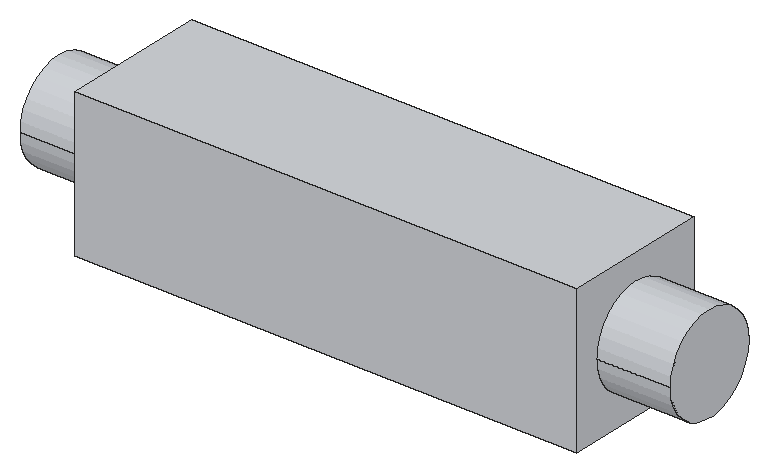
Revit family "1151c76652a542d18fde9df03ce63963", category Conduit Fittings, Revit 2021
Family settings
  Round Connector Dimension = Use Radius
  Part Type = Union
  OmniClass Number = 23.80.30.17.11
  OmniClass Title = Conduits
  Work Plane-Based = No
  Always vertical = Yes
  Cut with Voids When Loaded = No
  Shared = No
Parameters (values of type "Standard")
  Total Length [instance] = size_lookup(Conduit Size Lookup, "TLgt", 3.77 * Nominal Diameter + 3 37/128", Nominal Diameter)  # 5.606"
  Nominal Radius [instance] = 1/4"
  Nominal Diameter [instance] = Nominal Radius * 2  # 1/2"
  Fitting Outside Radius [instance] = Fitting Outside Diameter * 0.5  # 0.42"
  Fitting Outside Diameter [instance] = size_lookup(Conduit Size Lookup, "FOD", 1.14 * Nominal Diameter + 1/2", Nominal Diameter)  # 0.84"
  Default Elevation = 0' - 0"
  Conduit Size Lookup = "Conduit Body - Type C - PVC"
  Conduit Length [instance] = size_lookup(Conduit Size Lookup, "CLgt", 0.46 * Nominal Diameter + 115/256", Nominal Diameter)  # 0.639"
  Conduit Body Width [instance] = size_lookup(Conduit Size Lookup, "CBW", 1.34 * Nominal Diameter + 77/128", Nominal Diameter)  # 1.268"
Reference planes (in)
  plane 1 "Center (Front/Back)": y = 0
  plane 2: z = 0
  plane 3 "Center (Left/Right)": x = 0
  plane 4: y = 0.634
  plane 5: y = -0.634
  plane 6: z = 0.634
  plane 7: z = -0.634
  plane 8: x = 0.639
  plane 9: x = 4.967
  plane 10: x = 5.606
Forms (in)
  Extrusion 1, solid
    sketch origin (0, 0, 0) x (1, 0, 0) y (0, 1, 0)
      loop
        line (0.639, 0.634) -> (0.639, -0.634) -> (4.967, -0.634) -> (4.967, 0.634) -> (0.639, 0.634)
    from -0.634 to 0.634
  Extrusion 2, solid, detail levels fine
    sketch origin (0, 0, 0) x (0, 1, 0) y (0, 0, 1)
      loop
        circle (0, 0) r 0.42
    from 0 to 0.639
  Extrusion 3, solid, detail levels fine
    sketch origin (0, 0, 0) x (0, 1, 0) y (0, 0, 1)
      loop
        circle (0, 0) r 0.42
    from 4.967 to 5.606
Cuts and joins
  joined: Extrusion 2, Extrusion 3
Lines and regions (in)
  model lines, detail levels coarse+medium
    curve 1: line (0, 0, 0) -> (0.639, 0, 0)
    curve 2: line (4.967, 0, 0) -> (5.606, 0, 0)
Dimensions and locks (in)
  equal spacing: plane 4, plane 1 "Center (Front/Back)", plane 5
  "Conduit Body Width": plane 4 to plane 5
  equal spacing: plane 6, plane 2, plane 7
  "Conduit Body Width": plane 6 to plane 7
  "Conduit Length": plane 3 "Center (Left/Right)" to plane 8
  "Total Length": plane 3 "Center (Left/Right)" to plane 10
  "Conduit Length": plane 9 to plane 10
  "Fitting Outside Radius": radius of Extrusion 2 sketch curve
  "Fitting Outside Radius": radius of Extrusion 3 sketch curve
  aligned and locked: plane 8 to Extrusion 1 sketch curve
  aligned and locked: Extrusion 1 sketch curve to plane 9
  aligned and locked: Extrusion 1 sketch curve to plane 4
  aligned and locked: plane 5 to Extrusion 1 sketch curve
  aligned and locked: Extrusion 1 to plane 7
  aligned and locked: plane 6 to Extrusion 1
  aligned and locked: plane 2 to Extrusion 2 sketch curve
  aligned and locked: plane 1 "Center (Front/Back)" to Extrusion 2 sketch curve
  aligned and locked: Extrusion 2 to plane 3 "Center (Left/Right)"
  aligned and locked: plane 8 to Extrusion 2
  aligned and locked: plane 1 "Center (Front/Back)" to Extrusion 3 sketch curve
  aligned and locked: plane 2 to Extrusion 3 sketch curve
  aligned and locked: Extrusion 3 to plane 9
  aligned and locked: plane 10 to Extrusion 3
  aligned and locked: plane 3 "Center (Left/Right)" to curve 1
  aligned and locked: plane 8 to curve 1
  aligned and locked: plane 1 "Center (Front/Back)" to curve 1
  aligned and locked: plane 9 to curve 2
  aligned and locked: plane 10 to curve 2
  aligned and locked: plane 1 "Center (Front/Back)" to curve 2
Connectors (in)
  cabletrayconduit at (0, 0, 0), diameter 0.5, driven by "Nominal Radius"
    settings: on Extrusion 2, index 1, connector width 1' - 0", connector height 1' - 0", connector angle 0.00°, system type 32, placement type 0, profile type 0, connector reference index 2, is primary connector yes, connector utility param no, connector description ""
  cabletrayconduit at (5.606, 0, 0), diameter 0.5, driven by "Nominal Radius"
    settings: on Extrusion 3, index 2, connector width 1' - 0", connector height 1' - 0", connector angle 0.00°, system type 32, placement type 0, profile type 0, connector reference index 1, is primary connector no, connector utility param no, connector description ""
